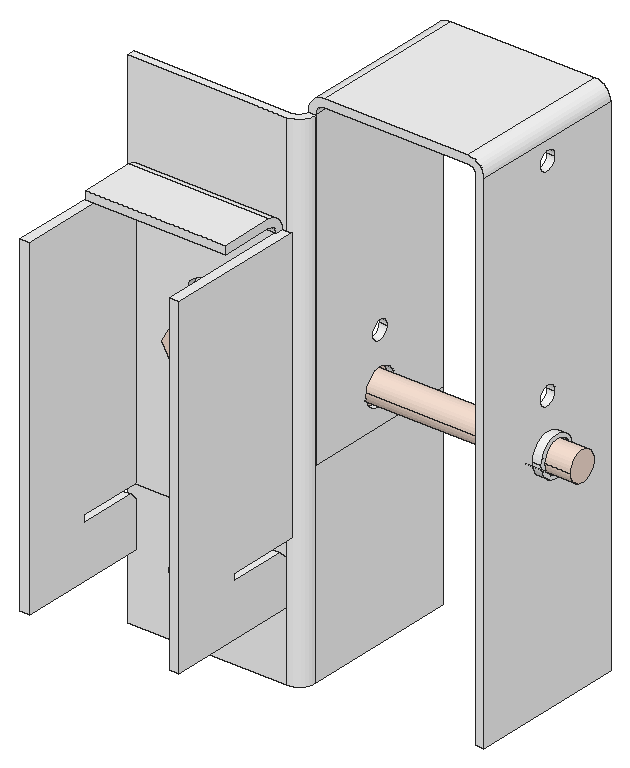
Revit family "KIRIIアングルクランプ(C75用)_逆", category 機械設備, Revit 2020
Family settings
  丸型コネクタ寸法 = 直径を使用
  種別 = なし
  パーツ タイプ = 標準
  作業面ベース = いいえ
  常に垂直 = はい
  ロード時にボイドで切り取り = いいえ
  共有 = いいえ
  部屋計算ポイント = いいえ
Parameters
  製造元 = "株式会社桐井製作所"
  既定の高さ = 0 mm
  URL = "https://www.kirii.co.jp/"
  K_許容荷重(水平)野縁方向(N) = 640
  K_許容荷重(水平)野縁受け方向(N) = 850
  K_許容荷重(引張)(N) = 1670
  K_許容荷重(圧縮)(N) = 1710
  K_板厚(mm) = 2.3 mm
  K_品名 = "KIRIIアングルクランプ(C75用)逆"
  K_名称 = "支持構造部接合金具"
  K_剛性(野縁方向)(N/mm) = 512
  K_剛性(野縁受け方向)(N/mm) = 311
  K_バージョン情報 = "20250901"
Reference planes
  plane 1 "中心(正面/背面)": y = 0
  plane 2: z = 0
  plane 3 "中心(左/右)": x = 0
  plane 4: x = 10
  plane 5: x = -10
Forms (mm)
  Extrusion 1, solid
    sketch origin (0, 0, 80) x (1, 0, 0) y (0, 0, 1)
      loop
        line (0, -80) -> (2.3, -80) -> (2.3, 65.4)
        arc (2.3, 65.4) -> (0.953, 68.653) -> (-2.3, 70) r 4.6
        line (-2.3, 70) -> (-43.2, 70)
        arc (-43.2, 70) -> (-46.453, 68.653) -> (-47.8, 65.4) r 4.6
        line (-47.8, 65.4) -> (-47.8, -24.3) -> (-45.5, -24.3) -> (-45.5, 65.4)
        arc (-45.5, 65.4) -> (-44.826, 67.026) -> (-43.2, 67.7) r 2.3
        line (-43.2, 67.7) -> (-2.3, 67.7)
        arc (-2.3, 67.7) -> (-0.674, 67.026) -> (0, 65.4) r 2.3
        line (0, 65.4) -> (0, -80)
    from 0 to -45
  Extrusion 2, void
    sketch origin (0, 0, 80) x (0, 1, 0) y (0, 0, 1)
      loop
        circle (22.5, -14.3) r 5.25
      loop
        circle (22.5, 60.2) r 2.75
      loop
        circle (22.5, 0.2) r 2.75
    from -45.5 to -47.8
  Extrusion 3, void
    sketch origin (0, 0, 80) x (0, 1, 0) y (0, 0, 1)
      loop
        circle (22.5, -14.3) r 5.25
      loop
        circle (22.5, 60.2) r 2.75
      loop
        circle (22.5, 0.2) r 2.75
    from 2.3 to 0
  Extrusion 4, solid
    sketch origin (0, 0, 80) x (0, 1, 0) y (0, 0, 1)
      loop
        circle (22.5, -14.3) r 5.548
      loop
        circle (22.5, -14.3) r 4.5
    from 2.3 to 5
  Extrusion 5, solid
    sketch origin (0, 0, 80) x (1, 0, 0) y (0, 1, 0)
      loop
        line (-45.5, -0.4) -> (-45.5, 45) -> (-47.8, 45) -> (-47.8, -0.4)
        arc (-47.8, -0.4) -> (-48.474, -2.026) -> (-50.1, -2.7) r 2.3
        line (-50.1, -2.7) -> (-95.5, -2.7) -> (-95.5, -5) -> (-50.1, -5)
        arc (-50.1, -5) -> (-46.847, -3.653) -> (-45.5, -0.4) r 4.6
    from 65 to -80
  Extrusion 6, solid
    sketch origin (-96.386, 0, 80) x (0, 1, 0) y (0, 0, 1)
      loop
        arc (-5, 36) -> (-6.347, 39.253) -> (-9.6, 40.6) r 4.6
        line (-9.6, 40.6) -> (-25, 40.6) -> (-25, 38.3) -> (-9.6, 38.3)
        arc (-9.6, 38.3) -> (-7.974, 37.626) -> (-7.3, 36) r 2.3
        line (-7.3, 36) -> (-7.3, -42) -> (-5, -42) -> (-5, 36)
    from 5 to 45
  Extrusion 7, solid
    sketch origin (-96.386, 0, 80) x (1, 0, 0) y (0, 0, 1)
      loop
        line (2.3, 36) -> (2.3, -59) -> (5, -59) -> (5, 36) -> (2.3, 36)
      loop
        line (45, 36) -> (45, -59) -> (47.7, -59) -> (47.7, 36) -> (45, 36)
    from 5 to 45
  Extrusion 8, void
    sketch origin (-96.386, 0, 80) x (0, 1, 0) y (0, 0, 1)
      loop
        line (-25.5, -42) -> (-25.5, -44) -> (-9, -44) -> (-7, -46) -> (-7, -59) -> (-5, -59) -> (-5, -42) -> (-25.5, -42)
    from 50 to 0
  Extrusion 9, void
    sketch origin (-96.386, 0, 80) x (1, 0, 0) y (0, 0, 1)
      loop
        circle (25, 0) r 4.5
    from 5 to 2.7
  Extrusion 10, void
    sketch origin (-96.386, 0, 80) x (1, 0, 0) y (0, 0, 1)
      loop
        arc (30.25, 12.25) -> (28.712, 15.962) -> (25, 17.5) r 5.25
        arc (25, 17.5) -> (21.288, 15.962) -> (19.75, 12.25) r 5.25
        line (19.75, 12.25) -> (19.75, -12.25)
        arc (19.75, -12.25) -> (21.288, -15.962) -> (25, -17.5) r 5.25
        arc (25, -17.5) -> (28.712, -15.962) -> (30.25, -12.25) r 5.25
        line (30.25, -12.25) -> (30.25, 12.25)
    from 7.3 to 5
  Extrusion 11, void
    sketch origin (-96.386, 0, 80) x (1, 0, 0) y (0, 0, 1)
      loop
        circle (25, -32) r 2.25
    from 7.3 to 5
  Extrusion 12, void
    sketch origin (-96.386, 0, 0) x (1, 0, 0) y (0, 0, 1)
      loop
        circle (15, 17.6) r 2.25
      loop
        circle (40, 17.6) r 2.25
    from 5 to 2.7
  Extrusion 13, solid
    sketch origin (-96.386, 0, 80) x (1, 0, 0) y (0, 0, 1)
      loop
        circle (25, 0) r 5
      loop
        circle (25, 0) r 4.5
    from 2.7 to 0
Cuts and joins
  Extrusion 2, Extrusion 3 cuts Extrusion 1
  joined: Extrusion 1, Extrusion 4
  Extrusion 8, Extrusion 10, Extrusion 11 cuts Extrusion 6
  Extrusion 8 cuts Extrusion 7
  Extrusion 2, Extrusion 9, Extrusion 10, Extrusion 12 cuts Extrusion 5
Dimensions and locks
  aligned and locked: level to plane 2
Nested families
  nested 1: "M10×60ボルト" at (-51.797, 22.525, 65.631) x (0, 1, 0) z (0, 0, 1), type "M10×60ボルト"
  nested 2: "M10×25ボルト" at (-71.468, -11.3, 80) x (-1, 0, 0) z (0, 0, 1), type "M10×25ボルト"
Definition of nested family "M10×60ボルト"
  Parameters (values of type "M10×60ボルト")
    Manufacturer = "株式会社桐井製作所"
    Default Elevation = 0 mm
    URL = "https://www.kirii.co.jp/"
    K_材料規格 = "M10×L60"
    K_品名 = "M10×60ボルト"
    K_名称 = "M10×60ボルト"
    K_備考 = "KIRIIアングルクランプ付属品"
  Reference planes
    plane 1 "中心(正面/背面)": y = 0
    plane 2: z = 0
    plane 3 "中心(左/右)": x = 0
    plane 4: x = 8
    plane 5: x = -8
    plane 6 "正面": y = -4
    plane 7: z = 8
    plane 8: z = -8
  Forms (mm)
    Extrusion 1, solid
      sketch origin (0, 0, 0) x (1, 0, 0) y (0, 0, 1)
        loop
          line (-4.619, 8) -> (-9.238, 0) -> (-4.619, -8) -> (4.619, -8) -> (9.238, 0) -> (4.619, 8) -> (-4.619, 8)
      from 0 to 4
    Extrusion 2, solid
      sketch origin (0, 0, 25.676) x (1, 0, 0) y (0, 0, 1)
        loop
          circle (0, -25.676) r 4.1
      from 4 to 64
  Cuts and joins
    joined: Extrusion 1, Extrusion 2
  Lines and regions (mm)
    model lines
      curve 1: circle (0, 0, 0) r 8 normal (0, -1, 0)
  Dimensions and locks
    aligned and locked: level to plane 2
Definition of nested family "M10×25ボルト"
  Parameters (values of type "M10×25ボルト")
    Manufacturer = "株式会社桐井製作所"
    Default Elevation = 0 mm
    URL = "https://www.kirii.co.jp/"
    K_材料規格 = "M10×L25"
    K_品名 = "M10×25ボルト"
    K_名称 = "M10×25ボルト"
    K_備考 = "KIRIIアングルクランプ付属品"
  Reference planes
    plane 1 "中心(正面/背面)": y = 0
    plane 2: z = 0
    plane 3 "中心(左/右)": x = 0
    plane 4: x = 8
    plane 5: x = -8
    plane 6 "正面": y = -4
    plane 7: z = 8
    plane 8: z = -8
  Forms (mm)
    Extrusion 1, solid
      sketch origin (0, 0, 0) x (1, 0, 0) y (0, 0, 1)
        loop
          line (-4.619, 8) -> (-9.238, 0) -> (-4.619, -8) -> (4.619, -8) -> (9.238, 0) -> (4.619, 8) -> (-4.619, 8)
      from 0 to 4
    Extrusion 2, solid
      sketch origin (0, 0, 25.676) x (1, 0, 0) y (0, 0, 1)
        loop
          circle (0, -25.676) r 4.1
      from 4 to 29
  Cuts and joins
    joined: Extrusion 1, Extrusion 2
  Lines and regions (mm)
    model lines
      curve 1: circle (0, 0, 0) r 8 normal (0, -1, 0)
  Dimensions and locks
    aligned and locked: level to plane 2
